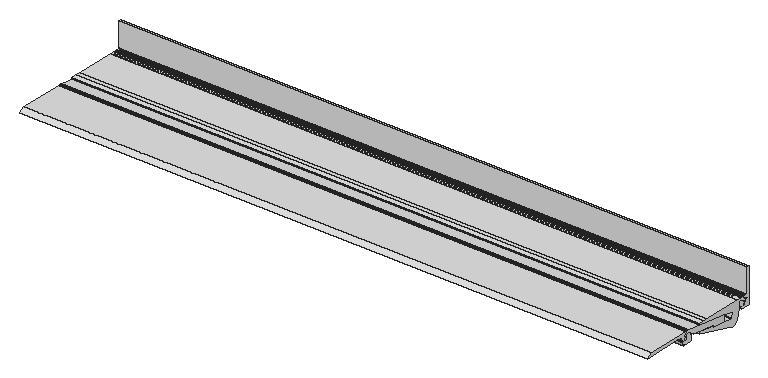
Revit family "Construction-Floors-Conecto-Aluminium Joints ALU AL.130.21", category Specialty Equipment, Revit 2015 (continued)
Definition of nested family "Standard"
  Automatic sketch dimensions
    Extrusion 25 sketch curve to Extrusion 25 sketch curve = 0.729 mm
    Extrusion 25 sketch curve to Extrusion 25 sketch curve = 0.181 mm
    Extrusion 25 sketch curve to Extrusion 25 sketch curve = 0.71 mm
    Extrusion 25 sketch curve to Extrusion 25 sketch curve = 0.699 mm
    Extrusion 25 sketch curve to Extrusion 25 sketch curve = 0.638 mm
    Extrusion 25 sketch curve to Extrusion 25 sketch curve = 0.506 mm
    Extrusion 25 sketch curve to Extrusion 25 sketch curve = 0.373 mm
    Extrusion 25 sketch curve to Extrusion 25 sketch curve = 0.208 mm
    Extrusion 25 sketch curve to Extrusion 25 sketch curve = 0.144 mm
    Extrusion 25 sketch curve to Extrusion 25 sketch curve = 1.895 mm
    Extrusion 25 sketch curve to Extrusion 25 sketch curve = 0.735 mm
    Extrusion 25 sketch curve to Extrusion 25 sketch curve = 1.073 mm  (x2)
    Extrusion 25 sketch curve to Extrusion 25 sketch curve = 0.031 mm
    Extrusion 25 sketch curve to Extrusion 25 sketch curve = 0.237 mm
    Extrusion 25 sketch curve to Extrusion 25 sketch curve = 0.765 mm
    Extrusion 25 sketch curve to Extrusion 25 sketch curve = 1.007 mm
    plane 6 to Extrusion 26 sketch curve = 76.279 mm
    Extrusion 26 sketch curve to Extrusion 26 sketch curve = 0.134 mm
    Extrusion 26 sketch curve to Extrusion 26 sketch curve = 0.685 mm  (x2)
    Extrusion 26 sketch curve to Extrusion 26 sketch curve = 0.826 mm
    Extrusion 26 sketch curve to Extrusion 26 sketch curve = 1.425 mm
    Extrusion 26 sketch curve to Extrusion 26 sketch curve = 2.047 mm
    plane 6 to Extrusion 26 sketch curve = 16.442 mm
    Extrusion 26 sketch curve to Extrusion 26 sketch curve = 0.009 mm
    Extrusion 26 sketch curve to Extrusion 26 sketch curve = 0.041 mm
    Extrusion 26 sketch curve to Extrusion 26 sketch curve = 0.911 mm  (x2)
    Extrusion 26 sketch curve to Extrusion 26 sketch curve = 2.3 mm
    Extrusion 26 sketch curve to Extrusion 26 sketch curve = 2.339 mm
    Extrusion 26 sketch curve to Extrusion 26 sketch curve = 0.027 mm
    Extrusion 26 sketch curve to Extrusion 26 sketch curve = 0.499 mm
    Extrusion 26 sketch curve to Extrusion 26 sketch curve = 0.837 mm
    Extrusion 26 sketch curve to Extrusion 26 sketch curve = 0.786 mm  (x2)
    Extrusion 26 sketch curve to Extrusion 26 sketch curve = 0.774 mm  (x2)
    Extrusion 26 sketch curve to Extrusion 26 sketch curve = 0.425 mm
    Extrusion 26 sketch curve to Extrusion 26 sketch curve = 0.097 mm
    Extrusion 26 sketch curve to Extrusion 26 sketch curve = 0.246 mm  (x2)
    Extrusion 26 sketch curve to Extrusion 26 sketch curve = 0.831 mm
    Extrusion 26 sketch curve to Extrusion 26 sketch curve = 0.349 mm
    Extrusion 26 sketch curve to Extrusion 26 sketch curve = 0.778 mm
    Extrusion 26 sketch curve to Extrusion 26 sketch curve = 0.491 mm  (x2)
    plane 6 to Extrusion 26 sketch curve = 11.178 mm
    Extrusion 26 sketch curve to Extrusion 26 sketch curve = 0.697 mm
    Extrusion 26 sketch curve to Extrusion 26 sketch curve = 3.355 mm
    Extrusion 26 sketch curve to Extrusion 26 sketch curve = 0.719 mm
    Extrusion 26 sketch curve to Extrusion 26 sketch curve = 0.595 mm
    Extrusion 26 sketch curve to Extrusion 26 sketch curve = 0.672 mm
    Extrusion 26 sketch curve to Extrusion 26 sketch curve = 0.908 mm
    Extrusion 26 sketch curve to Extrusion 26 sketch curve = 1.394 mm
    Extrusion 26 sketch curve to Extrusion 26 sketch curve = 0.74 mm
    Extrusion 26 sketch curve to Extrusion 26 sketch curve = 0.885 mm  (x2)
    Extrusion 26 sketch curve to Extrusion 26 sketch curve = 0.607 mm
    Extrusion 26 sketch curve to Extrusion 26 sketch curve = 0.827 mm
    Extrusion 26 sketch curve to Extrusion 26 sketch curve = 0.459 mm
    Extrusion 26 sketch curve to Extrusion 26 sketch curve = 0.775 mm
    Extrusion 26 sketch curve to Extrusion 26 sketch curve = 1.332 mm
    Extrusion 26 sketch curve to Extrusion 26 sketch curve = 0.787 mm
    Extrusion 26 sketch curve to Extrusion 26 sketch curve = 4.161 mm
    Extrusion 26 sketch curve to Extrusion 26 sketch curve = 0.155 mm
    Extrusion 26 sketch curve to Extrusion 26 sketch curve = 2.645 mm
    Extrusion 26 sketch curve to Extrusion 26 sketch curve = 0.258 mm
    Extrusion 26 sketch curve to Extrusion 26 sketch curve = 0.789 mm
    Extrusion 26 sketch curve to Extrusion 26 sketch curve = 0.379 mm
    Extrusion 26 sketch curve to Extrusion 26 sketch curve = 1.017 mm
    Extrusion 26 sketch curve to Extrusion 26 sketch curve = 0.889 mm  (x2)
    Extrusion 26 sketch curve to Extrusion 26 sketch curve = 0.488 mm
    Extrusion 26 sketch curve to Extrusion 26 sketch curve = 0.741 mm
    Extrusion 26 sketch curve to Extrusion 26 sketch curve = 0.656 mm  (x2)
    Extrusion 26 sketch curve to Extrusion 26 sketch curve = 0.298 mm
    Extrusion 26 sketch curve to Extrusion 26 sketch curve = 0.877 mm
    Extrusion 26 sketch curve to Extrusion 26 sketch curve = 0.492 mm
    Extrusion 26 sketch curve to Extrusion 26 sketch curve = 0.714 mm
    Extrusion 26 sketch curve to Extrusion 26 sketch curve = 0.376 mm
    Extrusion 26 sketch curve to Extrusion 26 sketch curve = 0.776 mm
    Extrusion 26 sketch curve to Extrusion 26 sketch curve = 0.629 mm
    Extrusion 26 sketch curve to Extrusion 26 sketch curve = 0.721 mm
    Extrusion 26 sketch curve to Extrusion 26 sketch curve = 0.523 mm
    Extrusion 26 sketch curve to Extrusion 26 sketch curve = 0.922 mm
    Extrusion 26 sketch curve to Extrusion 26 sketch curve = 0.347 mm
    Extrusion 26 sketch curve to Extrusion 26 sketch curve = 0.484 mm
    Extrusion 26 sketch curve to Extrusion 26 sketch curve = 0.085 mm
    Extrusion 26 sketch curve to Extrusion 26 sketch curve = 0.931 mm
    Extrusion 26 sketch curve to Extrusion 26 sketch curve = 0.833 mm
    plane 6 to Extrusion 26 sketch curve = 2.043 mm  (x2)
    Extrusion 26 sketch curve to Extrusion 26 sketch curve = 0.81 mm
    plane 6 to Extrusion 26 sketch curve = 0.908 mm  (x2)
    plane 6 to Extrusion 26 sketch curve = 0.127 mm
    Extrusion 26 sketch curve to Extrusion 26 sketch curve = 4.284 mm
    Extrusion 26 sketch curve to Extrusion 26 sketch curve = 0.117 mm
    Extrusion 26 sketch curve to Extrusion 26 sketch curve = 0.37 mm
    Extrusion 26 sketch curve to Extrusion 26 sketch curve = 1.059 mm
    Extrusion 26 sketch curve to Extrusion 26 sketch curve = 1.033 mm
    Extrusion 26 sketch curve to Extrusion 26 sketch curve = 5.162 mm
    Extrusion 26 sketch curve to Extrusion 26 sketch curve = 0.794 mm
    Extrusion 26 sketch curve to Extrusion 26 sketch curve = 2.958 mm
    Extrusion 26 sketch curve to Extrusion 26 sketch curve = 0.406 mm
    Extrusion 26 sketch curve to Extrusion 26 sketch curve = 2.164 mm
    Extrusion 26 sketch curve to Extrusion 26 sketch curve = 0.749 mm
    Extrusion 26 sketch curve to Extrusion 26 sketch curve = 0.069 mm
    Extrusion 26 sketch curve to Extrusion 26 sketch curve = 0.151 mm
    Extrusion 26 sketch curve to Extrusion 26 sketch curve = 0.252 mm
    Extrusion 26 sketch curve to Extrusion 26 sketch curve = 0.38 mm
    Extrusion 26 sketch curve to Extrusion 26 sketch curve = 0.673 mm
    Extrusion 26 sketch curve to Extrusion 26 sketch curve = 3.295 mm  (x2)
    Extrusion 26 sketch curve to Extrusion 26 sketch curve = 0.993 mm
    Extrusion 26 sketch curve to Extrusion 26 sketch curve = 0.811 mm
    Extrusion 26 sketch curve to Extrusion 26 sketch curve = 0.804 mm
    Extrusion 26 sketch curve to Extrusion 26 sketch curve = 2.532 mm
    Extrusion 26 sketch curve to Extrusion 26 sketch curve = 0.302 mm
    Extrusion 26 sketch curve to Extrusion 26 sketch curve = 0.912 mm
    Extrusion 26 sketch curve to Extrusion 26 sketch curve = 0.917 mm
    Extrusion 26 sketch curve to Extrusion 26 sketch curve = 2.428 mm
    Extrusion 26 sketch curve to Extrusion 26 sketch curve = 0.795 mm
    Extrusion 26 sketch curve to Extrusion 26 sketch curve = 0.87 mm
    Extrusion 26 sketch curve to Extrusion 26 sketch curve = 2.001 mm
    Extrusion 26 sketch curve to Extrusion 26 sketch curve = 1.1 mm
    Extrusion 26 sketch curve to Extrusion 26 sketch curve = 1.105 mm
    Extrusion 26 sketch curve to Extrusion 26 sketch curve = 1.16 mm
    Extrusion 26 sketch curve to Extrusion 26 sketch curve = 0.798 mm
    Extrusion 26 sketch curve to Extrusion 26 sketch curve = 0.812 mm
    Extrusion 26 sketch curve to Extrusion 26 sketch curve = 1.3 mm
    Extrusion 26 sketch curve to Extrusion 26 sketch curve = 1.589 mm
    Extrusion 26 sketch curve to Extrusion 26 sketch curve = 0.729 mm
    Extrusion 26 sketch curve to Extrusion 26 sketch curve = 0.181 mm
    Extrusion 26 sketch curve to Extrusion 26 sketch curve = 0.71 mm
    Extrusion 26 sketch curve to Extrusion 26 sketch curve = 0.699 mm
    Extrusion 26 sketch curve to Extrusion 26 sketch curve = 0.638 mm
    Extrusion 26 sketch curve to Extrusion 26 sketch curve = 0.506 mm
    Extrusion 26 sketch curve to Extrusion 26 sketch curve = 0.373 mm
    Extrusion 26 sketch curve to Extrusion 26 sketch curve = 0.208 mm
    Extrusion 26 sketch curve to Extrusion 26 sketch curve = 0.144 mm
    Extrusion 26 sketch curve to Extrusion 26 sketch curve = 1.895 mm
    Extrusion 26 sketch curve to Extrusion 26 sketch curve = 0.735 mm
    Extrusion 26 sketch curve to Extrusion 26 sketch curve = 1.073 mm  (x2)
    Extrusion 26 sketch curve to Extrusion 26 sketch curve = 0.031 mm
    Extrusion 26 sketch curve to Extrusion 26 sketch curve = 0.237 mm
    Extrusion 26 sketch curve to Extrusion 26 sketch curve = 0.765 mm
    Extrusion 26 sketch curve to Extrusion 26 sketch curve = 2.288 mm
    Extrusion 27 sketch curve to plane 6 = 0 mm
    plane 6 to Extrusion 27 sketch curve = 0.317 mm
    plane 6 to Extrusion 27 sketch curve = 0.661 mm
    plane 6 to Extrusion 27 sketch curve = 0.997 mm
    Extrusion 27 sketch curve to Extrusion 27 sketch curve = 0.977 mm
    Extrusion 27 sketch curve to Extrusion 27 sketch curve = 1.018 mm
    Extrusion 27 sketch curve to Extrusion 27 sketch curve = 1.002 mm
    Extrusion 27 sketch curve to Extrusion 27 sketch curve = 1.162 mm
    Extrusion 27 sketch curve to Extrusion 27 sketch curve = 0.845 mm
    plane 6 to Extrusion 27 sketch curve = 6.802 mm
    Extrusion 27 sketch curve to Extrusion 27 sketch curve = 0.16 mm
    Extrusion 27 sketch curve to Extrusion 27 sketch curve = 1.009 mm
    Extrusion 27 sketch curve to Extrusion 27 sketch curve = 0.625 mm
    Extrusion 27 sketch curve to Extrusion 27 sketch curve = 0.516 mm
    Extrusion 27 sketch curve to Extrusion 27 sketch curve = 0.635 mm
    Extrusion 27 sketch curve to Extrusion 27 sketch curve = 0.289 mm
    Extrusion 27 sketch curve to Extrusion 27 sketch curve = 0.373 mm
    Extrusion 27 sketch curve to Extrusion 27 sketch curve = 0.077 mm
    Extrusion 27 sketch curve to Extrusion 27 sketch curve = 3.01 mm
    Extrusion 27 sketch curve to Extrusion 27 sketch curve = 0.17 mm
    Extrusion 27 sketch curve to Extrusion 27 sketch curve = 3.066 mm
    Extrusion 27 sketch curve to Extrusion 27 sketch curve = 1.906 mm
    Extrusion 27 sketch curve to Extrusion 27 sketch curve = 0.766 mm
    Extrusion 27 sketch curve to Extrusion 27 sketch curve = 0.379 mm
    Extrusion 27 sketch curve to Extrusion 27 sketch curve = 0.528 mm
    Extrusion 27 sketch curve to Extrusion 27 sketch curve = 0.965 mm
    Extrusion 27 sketch curve to Extrusion 27 sketch curve = 0.696 mm
    Extrusion 27 sketch curve to Extrusion 27 sketch curve = 0.241 mm
    Extrusion 27 sketch curve to Extrusion 27 sketch curve = 0.175 mm
    Extrusion 27 sketch curve to Extrusion 27 sketch curve = 2.045 mm
    Extrusion 27 sketch curve to Extrusion 27 sketch curve = 1.039 mm
    Extrusion 27 sketch curve to Extrusion 27 sketch curve = 1.103 mm
    Extrusion 27 sketch curve to Extrusion 27 sketch curve = 0.798 mm
    Extrusion 27 sketch curve to Extrusion 27 sketch curve = 0.732 mm
    Extrusion 27 sketch curve to Extrusion 27 sketch curve = 0.662 mm
    Extrusion 27 sketch curve to Extrusion 27 sketch curve = 0.349 mm
    Extrusion 27 sketch curve to Extrusion 27 sketch curve = 4.02 mm
    Extrusion 27 sketch curve to Extrusion 27 sketch curve = 0.832 mm
    Extrusion 27 sketch curve to Extrusion 27 sketch curve = 0.298 mm
    Extrusion 27 sketch curve to Extrusion 27 sketch curve = 0.306 mm
    Extrusion 27 sketch curve to Extrusion 27 sketch curve = 0.729 mm
    Extrusion 27 sketch curve to Extrusion 27 sketch curve = 0.775 mm
    Extrusion 27 sketch curve to Extrusion 27 sketch curve = 1.062 mm
    Extrusion 27 sketch curve to Extrusion 27 sketch curve = 1.113 mm
    Extrusion 27 sketch curve to Extrusion 27 sketch curve = 2.023 mm
    Extrusion 27 sketch curve to Extrusion 27 sketch curve = 54.732 mm
    Extrusion 27 sketch curve to Extrusion 27 sketch curve = 7.796 mm
    Extrusion 27 sketch curve to Extrusion 27 sketch curve = 0.76 mm
    Extrusion 27 sketch curve to Extrusion 27 sketch curve = 0.824 mm
    Extrusion 27 sketch curve to Extrusion 27 sketch curve = 0.907 mm
    Extrusion 27 sketch curve to Extrusion 27 sketch curve = 1.22 mm
    Extrusion 27 sketch curve to Extrusion 27 sketch curve = 2.629 mm
    Extrusion 27 sketch curve to Extrusion 27 sketch curve = 0.878 mm
    Extrusion 27 sketch curve to Extrusion 27 sketch curve = 0.93 mm
    Extrusion 27 sketch curve to Extrusion 27 sketch curve = 1.667 mm
    Extrusion 27 sketch curve to Extrusion 27 sketch curve = 1.629 mm
    Extrusion 27 sketch curve to Extrusion 27 sketch curve = 0.794 mm
    Extrusion 27 sketch curve to Extrusion 27 sketch curve = 0.971 mm
    Extrusion 27 sketch curve to Extrusion 27 sketch curve = 1.003 mm
    Extrusion 27 sketch curve to Extrusion 27 sketch curve = 0.737 mm
    Extrusion 27 sketch curve to Extrusion 27 sketch curve = 1.239 mm
    Extrusion 27 sketch curve to Extrusion 27 sketch curve = 0.423 mm
    Extrusion 27 sketch curve to Extrusion 27 sketch curve = 0.543 mm
    Extrusion 27 sketch curve to Extrusion 27 sketch curve = 0.849 mm
    Extrusion 27 sketch curve to Extrusion 27 sketch curve = 0.788 mm
    Extrusion 27 sketch curve to Extrusion 27 sketch curve = 0.386 mm
    Extrusion 27 sketch curve to Extrusion 27 sketch curve = 0.039 mm
    Extrusion 27 sketch curve to Extrusion 27 sketch curve = 0.749 mm
    Extrusion 27 sketch curve to Extrusion 27 sketch curve = 0.475 mm
    Extrusion 27 sketch curve to Extrusion 27 sketch curve = 0.394 mm
    Extrusion 27 sketch curve to Extrusion 27 sketch curve = 0.105 mm
    Extrusion 27 sketch curve to Extrusion 27 sketch curve = 1.841 mm
    Extrusion 27 sketch curve to Extrusion 27 sketch curve = 0.909 mm  (x2)
    Extrusion 27 sketch curve to Extrusion 27 sketch curve = 0.813 mm
    Extrusion 27 sketch curve to Extrusion 27 sketch curve = 0.946 mm
    Extrusion 27 sketch curve to Extrusion 27 sketch curve = 0.488 mm
    Extrusion 27 sketch curve to Extrusion 27 sketch curve = 1.614 mm
    plane 6 to Extrusion 28 sketch curve = 74.384 mm
    Extrusion 28 sketch curve to Extrusion 28 sketch curve = 0.43 mm
    Extrusion 28 sketch curve to Extrusion 28 sketch curve = 0.937 mm  (x2)
    Extrusion 28 sketch curve to Extrusion 28 sketch curve = 2.098 mm
    Extrusion 28 sketch curve to Extrusion 28 sketch curve = 1.054 mm  (x2)
    plane 6 to Extrusion 28 sketch curve = 17.576 mm
    Extrusion 28 sketch curve to Extrusion 28 sketch curve = 0.775 mm
    Extrusion 28 sketch curve to Extrusion 28 sketch curve = 0.377 mm
    Extrusion 28 sketch curve to Extrusion 28 sketch curve = 2.284 mm
    Extrusion 28 sketch curve to Extrusion 28 sketch curve = 0.065 mm
    Extrusion 28 sketch curve to Extrusion 28 sketch curve = 0.485 mm
    Extrusion 28 sketch curve to Extrusion 28 sketch curve = 0.623 mm  (x2)
    Extrusion 28 sketch curve to Extrusion 28 sketch curve = 1.105 mm
    Extrusion 28 sketch curve to Extrusion 28 sketch curve = 1.02 mm
    Extrusion 28 sketch curve to Extrusion 28 sketch curve = 0.107 mm
    Extrusion 28 sketch curve to Extrusion 28 sketch curve = 0.272 mm
    Extrusion 28 sketch curve to Extrusion 28 sketch curve = 0.182 mm
    Extrusion 28 sketch curve to Extrusion 28 sketch curve = 0.098 mm
    Extrusion 28 sketch curve to Extrusion 28 sketch curve = 0.591 mm
    Extrusion 28 sketch curve to Extrusion 28 sketch curve = 0.332 mm
    Extrusion 28 sketch curve to Extrusion 28 sketch curve = 0.589 mm
    Extrusion 28 sketch curve to Extrusion 28 sketch curve = 2.296 mm
    Extrusion 28 sketch curve to Extrusion 28 sketch curve = 4.118 mm
    Extrusion 28 sketch curve to Extrusion 28 sketch curve = 0.069 mm
    Extrusion 28 sketch curve to Extrusion 28 sketch curve = 0.189 mm
    Extrusion 28 sketch curve to Extrusion 28 sketch curve = 0.132 mm
    Extrusion 28 sketch curve to Extrusion 28 sketch curve = 0.433 mm
    Extrusion 28 sketch curve to Extrusion 28 sketch curve = 0.556 mm
    Extrusion 28 sketch curve to Extrusion 28 sketch curve = 0.586 mm
    Extrusion 28 sketch curve to Extrusion 28 sketch curve = 0.467 mm
    Extrusion 28 sketch curve to Extrusion 28 sketch curve = 0.54 mm
    Extrusion 28 sketch curve to Extrusion 28 sketch curve = 0.734 mm
    Extrusion 28 sketch curve to Extrusion 28 sketch curve = 0.731 mm
    Extrusion 28 sketch curve to Extrusion 28 sketch curve = 0.807 mm
    Extrusion 28 sketch curve to Extrusion 28 sketch curve = 0.833 mm
    Extrusion 28 sketch curve to Extrusion 28 sketch curve = 0.78 mm
    Extrusion 28 sketch curve to Extrusion 28 sketch curve = 0.732 mm
    Extrusion 28 sketch curve to Extrusion 28 sketch curve = 0.914 mm
    plane 6 to Extrusion 28 sketch curve = 0.641 mm
    plane 6 to Extrusion 28 sketch curve = 0.242 mm
    Extrusion 28 sketch curve to Extrusion 28 sketch curve = 0.531 mm
    Extrusion 28 sketch curve to Extrusion 28 sketch curve = 0.532 mm
    Extrusion 28 sketch curve to Extrusion 28 sketch curve = 0.709 mm
    Extrusion 28 sketch curve to Extrusion 28 sketch curve = 0.883 mm
    Extrusion 28 sketch curve to Extrusion 28 sketch curve = 0.643 mm
    Extrusion 28 sketch curve to Extrusion 28 sketch curve = 0.964 mm
    Extrusion 28 sketch curve to Extrusion 28 sketch curve = 0.834 mm
    Extrusion 28 sketch curve to Extrusion 28 sketch curve = 2.188 mm
    Extrusion 28 sketch curve to Extrusion 28 sketch curve = 0.784 mm
    Extrusion 28 sketch curve to Extrusion 28 sketch curve = 1.019 mm
    Extrusion 28 sketch curve to Extrusion 28 sketch curve = 0.89 mm
    Extrusion 28 sketch curve to Extrusion 28 sketch curve = 1.097 mm
    Extrusion 28 sketch curve to Extrusion 28 sketch curve = 0.938 mm
    Extrusion 28 sketch curve to Extrusion 28 sketch curve = 1.103 mm
    Extrusion 28 sketch curve to Extrusion 28 sketch curve = 0.798 mm
    Extrusion 28 sketch curve to Extrusion 28 sketch curve = 1.151 mm
    Extrusion 28 sketch curve to Extrusion 28 sketch curve = 0.621 mm
    Extrusion 28 sketch curve to Extrusion 28 sketch curve = 0.495 mm
    Extrusion 28 sketch curve to Extrusion 28 sketch curve = 0.64 mm
    Extrusion 28 sketch curve to Extrusion 28 sketch curve = 0.31 mm
    Extrusion 28 sketch curve to Extrusion 28 sketch curve = 0.281 mm
    Extrusion 28 sketch curve to Extrusion 28 sketch curve = 0.157 mm
    Extrusion 28 sketch curve to Extrusion 28 sketch curve = 0.166 mm
    Extrusion 28 sketch curve to Extrusion 28 sketch curve = 0.93 mm
    Extrusion 28 sketch curve to Extrusion 28 sketch curve = 1.828 mm
    Extrusion 28 sketch curve to Extrusion 28 sketch curve = 1.04 mm
    Extrusion 28 sketch curve to Extrusion 28 sketch curve = 0.911 mm
    Extrusion 28 sketch curve to Extrusion 28 sketch curve = 0.491 mm
    Extrusion 28 sketch curve to Extrusion 28 sketch curve = 1.053 mm
    Extrusion 28 sketch curve to Extrusion 28 sketch curve = 1.425 mm
    plane 6 to Extrusion 29 sketch curve = 74.364 mm
    Extrusion 29 sketch curve to Extrusion 29 sketch curve = 0.43 mm
    Extrusion 29 sketch curve to Extrusion 29 sketch curve = 2.098 mm
    Extrusion 29 sketch curve to Extrusion 29 sketch curve = 1.054 mm  (x2)
    plane 6 to Extrusion 29 sketch curve = 17.556 mm
    Extrusion 29 sketch curve to Extrusion 29 sketch curve = 0.775 mm
    Extrusion 29 sketch curve to Extrusion 29 sketch curve = 0.377 mm
    Extrusion 29 sketch curve to Extrusion 29 sketch curve = 2.284 mm
    Extrusion 29 sketch curve to Extrusion 29 sketch curve = 0.065 mm
    Extrusion 29 sketch curve to Extrusion 29 sketch curve = 0.485 mm
    Extrusion 29 sketch curve to Extrusion 29 sketch curve = 0.623 mm  (x2)
    Extrusion 29 sketch curve to Extrusion 29 sketch curve = 1.105 mm
    Extrusion 29 sketch curve to Extrusion 29 sketch curve = 1.02 mm
    Extrusion 29 sketch curve to Extrusion 29 sketch curve = 0.107 mm
    Extrusion 29 sketch curve to Extrusion 29 sketch curve = 0.272 mm
    Extrusion 29 sketch curve to Extrusion 29 sketch curve = 0.182 mm
    Extrusion 29 sketch curve to Extrusion 29 sketch curve = 0.098 mm
    Extrusion 29 sketch curve to Extrusion 29 sketch curve = 4.529 mm
    Extrusion 29 sketch curve to Extrusion 29 sketch curve = 0.102 mm
    Extrusion 29 sketch curve to Extrusion 29 sketch curve = 0.291 mm
    Extrusion 29 sketch curve to Extrusion 29 sketch curve = 0.591 mm
    Extrusion 29 sketch curve to Extrusion 29 sketch curve = 0.304 mm
    Extrusion 29 sketch curve to Extrusion 29 sketch curve = 0.332 mm
    Extrusion 29 sketch curve to Extrusion 29 sketch curve = 0.574 mm
    Extrusion 29 sketch curve to Extrusion 29 sketch curve = 0.589 mm
    Extrusion 29 sketch curve to Extrusion 29 sketch curve = 0.534 mm
    Extrusion 29 sketch curve to Extrusion 29 sketch curve = 0.778 mm
    Extrusion 29 sketch curve to Extrusion 29 sketch curve = 2.296 mm
    Extrusion 29 sketch curve to Extrusion 29 sketch curve = 1.352 mm
    Extrusion 29 sketch curve to Extrusion 29 sketch curve = 4.118 mm
    Extrusion 29 sketch curve to Extrusion 29 sketch curve = 0.069 mm
    Extrusion 29 sketch curve to Extrusion 29 sketch curve = 0.189 mm
    Extrusion 29 sketch curve to Extrusion 29 sketch curve = 0.132 mm
    Extrusion 29 sketch curve to Extrusion 29 sketch curve = 0.433 mm
    Extrusion 29 sketch curve to Extrusion 29 sketch curve = 1.397 mm
    Extrusion 29 sketch curve to Extrusion 29 sketch curve = 0.556 mm
    Extrusion 29 sketch curve to Extrusion 29 sketch curve = 0.586 mm
    Extrusion 29 sketch curve to Extrusion 29 sketch curve = 0.467 mm
    Extrusion 29 sketch curve to Extrusion 29 sketch curve = 0.54 mm
    Extrusion 29 sketch curve to Extrusion 29 sketch curve = 4.097 mm
    Extrusion 29 sketch curve to Extrusion 29 sketch curve = 0.116 mm
    Extrusion 29 sketch curve to Extrusion 29 sketch curve = 1.064 mm
    Extrusion 29 sketch curve to Extrusion 29 sketch curve = 0.693 mm
    Extrusion 29 sketch curve to Extrusion 29 sketch curve = 0.734 mm  (x2)
    Extrusion 29 sketch curve to Extrusion 29 sketch curve = 0.249 mm
    Extrusion 29 sketch curve to Extrusion 29 sketch curve = 0.731 mm
    Extrusion 29 sketch curve to Extrusion 29 sketch curve = 0.807 mm
    Extrusion 29 sketch curve to Extrusion 29 sketch curve = 0.833 mm
    Extrusion 29 sketch curve to Extrusion 29 sketch curve = 0.78 mm
    Extrusion 29 sketch curve to Extrusion 29 sketch curve = 0.732 mm
    Extrusion 29 sketch curve to Extrusion 29 sketch curve = 0.914 mm
    plane 6 to Extrusion 29 sketch curve = 0.621 mm
    plane 6 to Extrusion 29 sketch curve = 0.222 mm
    Extrusion 29 sketch curve to Extrusion 29 sketch curve = 0.006 mm
    Extrusion 29 sketch curve to Extrusion 29 sketch curve = 0.829 mm
    Extrusion 29 sketch curve to Extrusion 29 sketch curve = 0.931 mm
    Extrusion 29 sketch curve to Extrusion 29 sketch curve = 0.856 mm
    Extrusion 29 sketch curve to Extrusion 29 sketch curve = 0.688 mm
    Extrusion 29 sketch curve to Extrusion 29 sketch curve = 1.414 mm
    Extrusion 29 sketch curve to Extrusion 29 sketch curve = 0.532 mm
    Extrusion 29 sketch curve to Extrusion 29 sketch curve = 0.883 mm
    Extrusion 29 sketch curve to Extrusion 29 sketch curve = 0.643 mm
    Extrusion 29 sketch curve to Extrusion 29 sketch curve = 0.964 mm
    Extrusion 29 sketch curve to Extrusion 29 sketch curve = 0.834 mm
    Extrusion 29 sketch curve to Extrusion 29 sketch curve = 2.188 mm
    Extrusion 29 sketch curve to Extrusion 29 sketch curve = 0.784 mm
    Extrusion 29 sketch curve to Extrusion 29 sketch curve = 1.019 mm
    Extrusion 29 sketch curve to Extrusion 29 sketch curve = 0.89 mm
    Extrusion 29 sketch curve to Extrusion 29 sketch curve = 1.097 mm
    Extrusion 29 sketch curve to Extrusion 29 sketch curve = 0.938 mm
    Extrusion 29 sketch curve to Extrusion 29 sketch curve = 1.103 mm
    Extrusion 29 sketch curve to Extrusion 29 sketch curve = 0.798 mm
    Extrusion 29 sketch curve to Extrusion 29 sketch curve = 1.151 mm
    Extrusion 29 sketch curve to Extrusion 29 sketch curve = 0.621 mm
    Extrusion 29 sketch curve to Extrusion 29 sketch curve = 0.495 mm
    Extrusion 29 sketch curve to Extrusion 29 sketch curve = 0.64 mm
    Extrusion 29 sketch curve to Extrusion 29 sketch curve = 0.31 mm
    Extrusion 29 sketch curve to Extrusion 29 sketch curve = 0.281 mm
    Extrusion 29 sketch curve to Extrusion 29 sketch curve = 0.157 mm
    Extrusion 29 sketch curve to Extrusion 29 sketch curve = 0.166 mm
    Extrusion 29 sketch curve to Extrusion 29 sketch curve = 0.93 mm
    Extrusion 29 sketch curve to Extrusion 29 sketch curve = 1.828 mm
    Extrusion 29 sketch curve to Extrusion 29 sketch curve = 1.04 mm
    Extrusion 29 sketch curve to Extrusion 29 sketch curve = 0.911 mm
    Extrusion 29 sketch curve to Extrusion 29 sketch curve = 0.491 mm
    Extrusion 29 sketch curve to Extrusion 29 sketch curve = 1.053 mm
    Extrusion 29 sketch curve to Extrusion 29 sketch curve = 2.626 mm
    plane 6 to Extrusion 30 sketch curve = 74.226 mm
    Extrusion 30 sketch curve to Extrusion 30 sketch curve = 0.749 mm
    Extrusion 30 sketch curve to Extrusion 30 sketch curve = 1.78 mm
    Extrusion 30 sketch curve to Extrusion 30 sketch curve = 1.537 mm
    Extrusion 30 sketch curve to Extrusion 30 sketch curve = 1.854 mm
    plane 6 to Extrusion 30 sketch curve = 16.416 mm
    Extrusion 30 sketch curve to Extrusion 30 sketch curve = 0.43 mm
    Extrusion 30 sketch curve to Extrusion 30 sketch curve = 2.284 mm
    Extrusion 30 sketch curve to Extrusion 30 sketch curve = 0.065 mm
    Extrusion 30 sketch curve to Extrusion 30 sketch curve = 0.485 mm
    Extrusion 30 sketch curve to Extrusion 30 sketch curve = 0.623 mm  (x2)
    Extrusion 30 sketch curve to Extrusion 30 sketch curve = 3.012 mm
    Extrusion 30 sketch curve to Extrusion 30 sketch curve = 3.271 mm
    Extrusion 30 sketch curve to Extrusion 30 sketch curve = 1.105 mm
    Extrusion 30 sketch curve to Extrusion 30 sketch curve = 1.02 mm
    Extrusion 30 sketch curve to Extrusion 30 sketch curve = 0.107 mm
    Extrusion 30 sketch curve to Extrusion 30 sketch curve = 0.272 mm
    Extrusion 30 sketch curve to Extrusion 30 sketch curve = 0.182 mm
    Extrusion 30 sketch curve to Extrusion 30 sketch curve = 0.098 mm
    Extrusion 30 sketch curve to Extrusion 30 sketch curve = 0.803 mm
    Extrusion 30 sketch curve to Extrusion 30 sketch curve = 1.154 mm
    Extrusion 30 sketch curve to Extrusion 30 sketch curve = 0.591 mm  (x2)
    Extrusion 30 sketch curve to Extrusion 30 sketch curve = 1.054 mm
    Extrusion 30 sketch curve to Extrusion 30 sketch curve = 0.626 mm
    Extrusion 30 sketch curve to Extrusion 30 sketch curve = 0.332 mm
    Extrusion 30 sketch curve to Extrusion 30 sketch curve = 0.589 mm
    Extrusion 30 sketch curve to Extrusion 30 sketch curve = 0.908 mm
    Extrusion 30 sketch curve to Extrusion 30 sketch curve = 2.519 mm
    Extrusion 30 sketch curve to Extrusion 30 sketch curve = 2.296 mm
    Extrusion 30 sketch curve to Extrusion 30 sketch curve = 1.233 mm
    Extrusion 30 sketch curve to Extrusion 30 sketch curve = 4.118 mm
    Extrusion 30 sketch curve to Extrusion 30 sketch curve = 0.069 mm
    Extrusion 30 sketch curve to Extrusion 30 sketch curve = 0.189 mm
    Extrusion 30 sketch curve to Extrusion 30 sketch curve = 0.132 mm
    Extrusion 30 sketch curve to Extrusion 30 sketch curve = 1.181 mm
    Extrusion 30 sketch curve to Extrusion 30 sketch curve = 0.433 mm
    Extrusion 30 sketch curve to Extrusion 30 sketch curve = 0.556 mm
    Extrusion 30 sketch curve to Extrusion 30 sketch curve = 0.586 mm
    Extrusion 30 sketch curve to Extrusion 30 sketch curve = 2.086 mm
    Extrusion 30 sketch curve to Extrusion 30 sketch curve = 0.54 mm
    Extrusion 30 sketch curve to Extrusion 30 sketch curve = 1.13 mm
    Extrusion 30 sketch curve to Extrusion 30 sketch curve = 0.926 mm
    Extrusion 30 sketch curve to Extrusion 30 sketch curve = 0.734 mm
    Extrusion 30 sketch curve to Extrusion 30 sketch curve = 0.939 mm  (x2)
    Extrusion 30 sketch curve to Extrusion 30 sketch curve = 0.654 mm
    Extrusion 30 sketch curve to Extrusion 30 sketch curve = 0.731 mm
    Extrusion 30 sketch curve to Extrusion 30 sketch curve = 0.456 mm
    Extrusion 30 sketch curve to Extrusion 30 sketch curve = 0.807 mm
    Extrusion 30 sketch curve to Extrusion 30 sketch curve = 0.833 mm
    Extrusion 30 sketch curve to Extrusion 30 sketch curve = 0.78 mm
    Extrusion 30 sketch curve to Extrusion 30 sketch curve = 0.732 mm
    Extrusion 30 sketch curve to Extrusion 30 sketch curve = 0.914 mm
    plane 6 to Extrusion 30 sketch curve = 0.633 mm
    plane 6 to Extrusion 30 sketch curve = 0.234 mm
    Extrusion 30 sketch curve to Extrusion 30 sketch curve = 12.646 mm
    Extrusion 30 sketch curve to Extrusion 30 sketch curve = 1.028 mm
    Extrusion 30 sketch curve to Extrusion 30 sketch curve = 0.44 mm
    Extrusion 30 sketch curve to Extrusion 30 sketch curve = 0.145 mm
    Extrusion 30 sketch curve to Extrusion 30 sketch curve = 0.151 mm
    Extrusion 30 sketch curve to Extrusion 30 sketch curve = 0.462 mm
    Extrusion 30 sketch curve to Extrusion 30 sketch curve = 0.576 mm
    Extrusion 30 sketch curve to Extrusion 30 sketch curve = 0.472 mm
    Extrusion 30 sketch curve to Extrusion 30 sketch curve = 1.607 mm
    Extrusion 30 sketch curve to Extrusion 30 sketch curve = 1.617 mm
    Extrusion 30 sketch curve to Extrusion 30 sketch curve = 1.074 mm
    Extrusion 30 sketch curve to Extrusion 30 sketch curve = 0.934 mm
    Extrusion 30 sketch curve to Extrusion 30 sketch curve = 0.532 mm
    Extrusion 30 sketch curve to Extrusion 30 sketch curve = 0.883 mm
    Extrusion 30 sketch curve to Extrusion 30 sketch curve = 0.643 mm
    Extrusion 30 sketch curve to Extrusion 30 sketch curve = 0.161 mm
    Extrusion 30 sketch curve to Extrusion 30 sketch curve = 0.964 mm
    Extrusion 30 sketch curve to Extrusion 30 sketch curve = 0.834 mm
    Extrusion 30 sketch curve to Extrusion 30 sketch curve = 2.188 mm
    Extrusion 30 sketch curve to Extrusion 30 sketch curve = 0.784 mm
    Extrusion 30 sketch curve to Extrusion 30 sketch curve = 1.019 mm
    Extrusion 30 sketch curve to Extrusion 30 sketch curve = 0.89 mm
    Extrusion 30 sketch curve to Extrusion 30 sketch curve = 1.097 mm
    Extrusion 30 sketch curve to Extrusion 30 sketch curve = 0.938 mm
    Extrusion 30 sketch curve to Extrusion 30 sketch curve = 1.103 mm
    Extrusion 30 sketch curve to Extrusion 30 sketch curve = 0.798 mm
    Extrusion 30 sketch curve to Extrusion 30 sketch curve = 1.151 mm
    Extrusion 30 sketch curve to Extrusion 30 sketch curve = 0.621 mm
    Extrusion 30 sketch curve to Extrusion 30 sketch curve = 0.495 mm
    Extrusion 30 sketch curve to Extrusion 30 sketch curve = 0.64 mm
    Extrusion 30 sketch curve to Extrusion 30 sketch curve = 0.31 mm
    Extrusion 30 sketch curve to Extrusion 30 sketch curve = 0.281 mm
    Extrusion 30 sketch curve to Extrusion 30 sketch curve = 0.157 mm
    Extrusion 30 sketch curve to Extrusion 30 sketch curve = 0.166 mm
    Extrusion 30 sketch curve to Extrusion 30 sketch curve = 0.93 mm
    Extrusion 30 sketch curve to Extrusion 30 sketch curve = 1.828 mm
    Extrusion 30 sketch curve to Extrusion 30 sketch curve = 1.04 mm
    Extrusion 30 sketch curve to Extrusion 30 sketch curve = 0.911 mm
    Extrusion 30 sketch curve to Extrusion 30 sketch curve = 0.491 mm
    Extrusion 30 sketch curve to Extrusion 30 sketch curve = 1.053 mm
    Extrusion 30 sketch curve to Extrusion 30 sketch curve = 2.626 mm
    Extrusion 11 sketch curve to Extrusion 11 sketch curve = 2.658 mm
    Extrusion 11 sketch curve to Extrusion 11 sketch curve = 0.053 mm
    Extrusion 11 sketch curve to Extrusion 11 sketch curve = 0.474 mm
    Extrusion 11 sketch curve to Extrusion 11 sketch curve = 0.497 mm
    Extrusion 11 sketch curve to Extrusion 11 sketch curve = 0.226 mm
    Extrusion 11 sketch curve to Extrusion 11 sketch curve = 2.262 mm
    Extrusion 11 sketch curve to Extrusion 11 sketch curve = 1.086 mm
    Extrusion 11 sketch curve to Extrusion 11 sketch curve = 3.872 mm
    Extrusion 11 sketch curve to Extrusion 11 sketch curve = 0.315 mm
    Extrusion 11 sketch curve to Extrusion 11 sketch curve = 0.382 mm
    Extrusion 11 sketch curve to Extrusion 11 sketch curve = 0.738 mm
    Extrusion 11 sketch curve to Extrusion 11 sketch curve = 0.923 mm
    Extrusion 11 sketch curve to Extrusion 11 sketch curve = 0.962 mm
    Extrusion 12 sketch curve to Extrusion 12 sketch curve = 0.78 mm
    Extrusion 12 sketch curve to Extrusion 12 sketch curve = 4.497 mm
    Extrusion 12 sketch curve to Extrusion 12 sketch curve = 0.474 mm
    Extrusion 12 sketch curve to Extrusion 12 sketch curve = 0.497 mm
    Extrusion 12 sketch curve to Extrusion 12 sketch curve = 0.302 mm
    Extrusion 12 sketch curve to Extrusion 12 sketch curve = 2.262 mm
    Extrusion 12 sketch curve to Extrusion 12 sketch curve = 1.086 mm
    Extrusion 12 sketch curve to Extrusion 12 sketch curve = 3.646 mm
    Extrusion 12 sketch curve to Extrusion 12 sketch curve = 0.315 mm
    Extrusion 12 sketch curve to Extrusion 12 sketch curve = 0.382 mm
    Extrusion 12 sketch curve to Extrusion 12 sketch curve = 0.738 mm
    Extrusion 12 sketch curve to Extrusion 12 sketch curve = 0.923 mm
    Extrusion 12 sketch curve to Extrusion 12 sketch curve = 0.962 mm
    Extrusion 13 sketch curve to Extrusion 13 sketch curve = 0.175 mm
    Extrusion 13 sketch curve to Extrusion 13 sketch curve = 0.78 mm
    Extrusion 13 sketch curve to Extrusion 13 sketch curve = 4.497 mm
    Extrusion 13 sketch curve to Extrusion 13 sketch curve = 0.474 mm
    Extrusion 13 sketch curve to Extrusion 13 sketch curve = 0.226 mm
    Extrusion 13 sketch curve to Extrusion 13 sketch curve = 2.262 mm
    Extrusion 13 sketch curve to Extrusion 13 sketch curve = 1.086 mm
    Extrusion 13 sketch curve to Extrusion 13 sketch curve = 3.872 mm
    Extrusion 13 sketch curve to Extrusion 13 sketch curve = 0.315 mm
    Extrusion 13 sketch curve to Extrusion 13 sketch curve = 0.382 mm
    Extrusion 13 sketch curve to Extrusion 13 sketch curve = 0.738 mm
    Extrusion 13 sketch curve to Extrusion 13 sketch curve = 0.923 mm
    Extrusion 13 sketch curve to Extrusion 13 sketch curve = 0.962 mm
    Extrusion 14 sketch curve to Extrusion 14 sketch curve = 0.268 mm
    Extrusion 14 sketch curve to Extrusion 14 sketch curve = 0.78 mm
    Extrusion 14 sketch curve to Extrusion 14 sketch curve = 4.497 mm
    Extrusion 14 sketch curve to Extrusion 14 sketch curve = 0.474 mm
    Extrusion 14 sketch curve to Extrusion 14 sketch curve = 0.226 mm
    Extrusion 14 sketch curve to Extrusion 14 sketch curve = 2.262 mm
    Extrusion 14 sketch curve to Extrusion 14 sketch curve = 1.086 mm
    Extrusion 14 sketch curve to Extrusion 14 sketch curve = 3.872 mm
    Extrusion 14 sketch curve to Extrusion 14 sketch curve = 0.315 mm
    Extrusion 14 sketch curve to Extrusion 14 sketch curve = 0.382 mm
    Extrusion 14 sketch curve to Extrusion 14 sketch curve = 0.738 mm
    Extrusion 14 sketch curve to Extrusion 14 sketch curve = 0.923 mm
    Extrusion 14 sketch curve to Extrusion 14 sketch curve = 0.962 mm
    Extrusion 15 sketch curve to Extrusion 15 sketch curve = 0.175 mm
    Extrusion 15 sketch curve to Extrusion 15 sketch curve = 0.578 mm
    Extrusion 15 sketch curve to Extrusion 15 sketch curve = 1.911 mm
    Extrusion 15 sketch curve to Extrusion 15 sketch curve = 0.78 mm
    Extrusion 15 sketch curve to Extrusion 15 sketch curve = 4.497 mm
    Extrusion 15 sketch curve to Extrusion 15 sketch curve = 0.474 mm
    Extrusion 15 sketch curve to Extrusion 15 sketch curve = 0.497 mm
    Extrusion 15 sketch curve to Extrusion 15 sketch curve = 0.302 mm
    Extrusion 15 sketch curve to Extrusion 15 sketch curve = 2.262 mm
    Extrusion 15 sketch curve to Extrusion 15 sketch curve = 1.086 mm
    Extrusion 15 sketch curve to Extrusion 15 sketch curve = 3.646 mm
    Extrusion 15 sketch curve to Extrusion 15 sketch curve = 0.315 mm
    Extrusion 15 sketch curve to Extrusion 15 sketch curve = 0.382 mm
    Extrusion 15 sketch curve to Extrusion 15 sketch curve = 0.738 mm
    Extrusion 15 sketch curve to Extrusion 15 sketch curve = 0.923 mm
    Extrusion 15 sketch curve to Extrusion 15 sketch curve = 0.962 mm
    Extrusion 16 sketch curve to Extrusion 16 sketch curve = 0.175 mm
    Extrusion 16 sketch curve to Extrusion 16 sketch curve = 0.578 mm
    Extrusion 16 sketch curve to Extrusion 16 sketch curve = 1.911 mm
    Extrusion 16 sketch curve to Extrusion 16 sketch curve = 8.655 mm
    Extrusion 16 sketch curve to Extrusion 16 sketch curve = 0.78 mm
    Extrusion 16 sketch curve to Extrusion 16 sketch curve = 0.601 mm
    Extrusion 16 sketch curve to Extrusion 16 sketch curve = 4.497 mm
    Extrusion 16 sketch curve to Extrusion 16 sketch curve = 0.474 mm
    Extrusion 16 sketch curve to Extrusion 16 sketch curve = 0.226 mm
    Extrusion 16 sketch curve to Extrusion 16 sketch curve = 2.262 mm
    Extrusion 16 sketch curve to Extrusion 16 sketch curve = 1.086 mm
    Extrusion 16 sketch curve to Extrusion 16 sketch curve = 3.872 mm
    Extrusion 16 sketch curve to Extrusion 16 sketch curve = 0.315 mm
    Extrusion 16 sketch curve to Extrusion 16 sketch curve = 0.382 mm
    Extrusion 16 sketch curve to Extrusion 16 sketch curve = 0.738 mm
    Extrusion 16 sketch curve to Extrusion 16 sketch curve = 0.923 mm
    Extrusion 16 sketch curve to Extrusion 16 sketch curve = 0.962 mm
    Extrusion 17 sketch curve to Extrusion 17 sketch curve = 0.355 mm
    Extrusion 17 sketch curve to Extrusion 17 sketch curve = 4.167 mm
    Extrusion 17 sketch curve to Extrusion 17 sketch curve = 0.341 mm
    Extrusion 17 sketch curve to Extrusion 17 sketch curve = 0.719 mm
    Extrusion 17 sketch curve to Extrusion 17 sketch curve = 2.167 mm
    Extrusion 17 sketch curve to Extrusion 17 sketch curve = 1.133 mm
    Extrusion 17 sketch curve to Extrusion 17 sketch curve = 3.927 mm
    Extrusion 17 sketch curve to Extrusion 17 sketch curve = 3.412 mm
    Extrusion 17 sketch curve to Extrusion 17 sketch curve = 1.229 mm
    Extrusion 17 sketch curve to Extrusion 17 sketch curve = 0.386 mm
    Extrusion 17 sketch curve to Extrusion 17 sketch curve = 1.093 mm
    Extrusion 18 sketch curve to Extrusion 18 sketch curve = 0.688 mm
    Extrusion 18 sketch curve to Extrusion 18 sketch curve = 0.764 mm
    Extrusion 18 sketch curve to Extrusion 18 sketch curve = 0.111 mm
    Extrusion 18 sketch curve to Extrusion 18 sketch curve = 0.202 mm
    Extrusion 18 sketch curve to Extrusion 18 sketch curve = 0.252 mm
    Extrusion 18 sketch curve to Extrusion 18 sketch curve = 1.586 mm
    Extrusion 18 sketch curve to Extrusion 18 sketch curve = 3.306 mm
    Extrusion 19 sketch curve to Extrusion 19 sketch curve = 0.709 mm  (x2)
    Extrusion 19 sketch curve to Extrusion 19 sketch curve = 0.793 mm
    Extrusion 19 sketch curve to Extrusion 19 sketch curve = 3.054 mm
    Extrusion 19 sketch curve to Extrusion 19 sketch curve = 0.827 mm
    Extrusion 19 sketch curve to Extrusion 19 sketch curve = 1.261 mm
    Extrusion 19 sketch curve to Extrusion 19 sketch curve = 0.764 mm
    Extrusion 19 sketch curve to Extrusion 19 sketch curve = 1.458 mm
    Extrusion 19 sketch curve to Extrusion 19 sketch curve = 1.614 mm
    Extrusion 19 sketch curve to Extrusion 19 sketch curve = 0.252 mm
    Extrusion 19 sketch curve to Extrusion 19 sketch curve = 0.862 mm
    Extrusion 19 sketch curve to Extrusion 19 sketch curve = 0.566 mm
    Extrusion 19 sketch curve to Extrusion 19 sketch curve = 0.312 mm
    Extrusion 19 sketch curve to Extrusion 19 sketch curve = 2.024 mm
    Extrusion 19 sketch curve to Extrusion 19 sketch curve = 3.517 mm
    Extrusion 19 sketch curve to Extrusion 19 sketch curve = 0.531 mm
    Extrusion 19 sketch curve to Extrusion 19 sketch curve = 1.586 mm
    Extrusion 19 sketch curve to Extrusion 19 sketch curve = 3.306 mm
    Extrusion 20 sketch curve to Extrusion 20 sketch curve = 0.162 mm
    Extrusion 20 sketch curve to Extrusion 20 sketch curve = 0.349 mm
    Extrusion 20 sketch curve to Extrusion 20 sketch curve = 2.475 mm
    Extrusion 20 sketch curve to Extrusion 20 sketch curve = 0.603 mm
    Extrusion 20 sketch curve to Extrusion 20 sketch curve = 5.735 mm
    Extrusion 20 sketch curve to Extrusion 20 sketch curve = 0.144 mm
    Extrusion 20 sketch curve to Extrusion 20 sketch curve = 0.443 mm
    Extrusion 20 sketch curve to Extrusion 20 sketch curve = 3.992 mm
    Extrusion 20 sketch curve to Extrusion 20 sketch curve = 4.619 mm
    Extrusion 20 sketch curve to Extrusion 20 sketch curve = 0.531 mm
    Extrusion 20 sketch curve to Extrusion 20 sketch curve = 1.586 mm
    Extrusion 20 sketch curve to Extrusion 20 sketch curve = 3.306 mm
    Extrusion 1 sketch curve to Extrusion 1 sketch curve = 4.124 mm
    Extrusion 1 sketch curve to Extrusion 1 sketch curve = 0.535 mm
    Extrusion 1 sketch curve to Extrusion 1 sketch curve = 0.686 mm
    Extrusion 1 sketch curve to Extrusion 1 sketch curve = 1.083 mm
    Extrusion 1 sketch curve to Extrusion 1 sketch curve = 1.011 mm
    Extrusion 1 sketch curve to Extrusion 1 sketch curve = 0.832 mm
    Extrusion 1 sketch curve to Extrusion 1 sketch curve = 0.884 mm
    Extrusion 2 sketch curve to Extrusion 2 sketch curve = 4.124 mm
    Extrusion 2 sketch curve to Extrusion 2 sketch curve = 0.535 mm
    Extrusion 2 sketch curve to Extrusion 2 sketch curve = 0.686 mm
    Extrusion 2 sketch curve to Extrusion 2 sketch curve = 1.083 mm
    Extrusion 2 sketch curve to Extrusion 2 sketch curve = 1.011 mm
    Extrusion 2 sketch curve to Extrusion 2 sketch curve = 0.832 mm
    Extrusion 2 sketch curve to Extrusion 2 sketch curve = 0.884 mm
    Extrusion 3 sketch curve to Extrusion 3 sketch curve = 4.124 mm
    Extrusion 3 sketch curve to Extrusion 3 sketch curve = 0.535 mm
    Extrusion 3 sketch curve to Extrusion 3 sketch curve = 0.686 mm
    Extrusion 3 sketch curve to Extrusion 3 sketch curve = 1.083 mm
    Extrusion 3 sketch curve to Extrusion 3 sketch curve = 1.011 mm
    Extrusion 3 sketch curve to Extrusion 3 sketch curve = 0.832 mm
    Extrusion 3 sketch curve to Extrusion 3 sketch curve = 0.884 mm
    Extrusion 4 sketch curve to Extrusion 4 sketch curve = 4.124 mm
    Extrusion 4 sketch curve to Extrusion 4 sketch curve = 0.535 mm
    Extrusion 4 sketch curve to Extrusion 4 sketch curve = 0.686 mm
    Extrusion 4 sketch curve to Extrusion 4 sketch curve = 1.083 mm
    Extrusion 4 sketch curve to Extrusion 4 sketch curve = 1.011 mm
    Extrusion 4 sketch curve to Extrusion 4 sketch curve = 0.832 mm
    Extrusion 4 sketch curve to Extrusion 4 sketch curve = 0.884 mm
    Extrusion 5 sketch curve to Extrusion 5 sketch curve = 4.124 mm
    Extrusion 5 sketch curve to Extrusion 5 sketch curve = 0.535 mm
    Extrusion 5 sketch curve to Extrusion 5 sketch curve = 0.686 mm
    Extrusion 5 sketch curve to Extrusion 5 sketch curve = 1.083 mm
    Extrusion 5 sketch curve to Extrusion 5 sketch curve = 1.011 mm
    Extrusion 5 sketch curve to Extrusion 5 sketch curve = 0.832 mm
    Extrusion 5 sketch curve to Extrusion 5 sketch curve = 0.884 mm
    Extrusion 6 sketch curve to Extrusion 6 sketch curve = 4.124 mm
    Extrusion 6 sketch curve to Extrusion 6 sketch curve = 0.535 mm
    Extrusion 6 sketch curve to Extrusion 6 sketch curve = 0.686 mm
    Extrusion 6 sketch curve to Extrusion 6 sketch curve = 1.083 mm
    Extrusion 6 sketch curve to Extrusion 6 sketch curve = 1.011 mm
    Extrusion 6 sketch curve to Extrusion 6 sketch curve = 0.832 mm
    Extrusion 6 sketch curve to Extrusion 6 sketch curve = 0.884 mm
    Extrusion 7 sketch curve to Extrusion 7 sketch curve = 4.124 mm
    Extrusion 7 sketch curve to Extrusion 7 sketch curve = 0.535 mm
    Extrusion 7 sketch curve to Extrusion 7 sketch curve = 0.686 mm
    Extrusion 7 sketch curve to Extrusion 7 sketch curve = 1.083 mm
    Extrusion 7 sketch curve to Extrusion 7 sketch curve = 1.011 mm
    Extrusion 7 sketch curve to Extrusion 7 sketch curve = 0.832 mm
    Extrusion 7 sketch curve to Extrusion 7 sketch curve = 0.884 mm
    Extrusion 8 sketch curve to Extrusion 8 sketch curve = 4.124 mm
    Extrusion 8 sketch curve to Extrusion 8 sketch curve = 0.535 mm
    Extrusion 8 sketch curve to Extrusion 8 sketch curve = 0.686 mm
    Extrusion 8 sketch curve to Extrusion 8 sketch curve = 1.083 mm
    Extrusion 8 sketch curve to Extrusion 8 sketch curve = 1.011 mm
    Extrusion 8 sketch curve to Extrusion 8 sketch curve = 0.832 mm
    Extrusion 8 sketch curve to Extrusion 8 sketch curve = 0.884 mm
    Extrusion 9 sketch curve to Extrusion 9 sketch curve = 4.124 mm
    Extrusion 9 sketch curve to Extrusion 9 sketch curve = 0.535 mm
    Extrusion 9 sketch curve to Extrusion 9 sketch curve = 0.686 mm
    Extrusion 9 sketch curve to Extrusion 9 sketch curve = 1.083 mm
    Extrusion 9 sketch curve to Extrusion 9 sketch curve = 1.011 mm
    Extrusion 9 sketch curve to Extrusion 9 sketch curve = 0.832 mm
    Extrusion 9 sketch curve to Extrusion 9 sketch curve = 0.884 mm
    Extrusion 10 sketch curve to Extrusion 10 sketch curve = 4.124 mm
    Extrusion 10 sketch curve to Extrusion 10 sketch curve = 0.535 mm
    Extrusion 10 sketch curve to Extrusion 10 sketch curve = 0.686 mm
    Extrusion 10 sketch curve to Extrusion 10 sketch curve = 1.083 mm
    Extrusion 10 sketch curve to Extrusion 10 sketch curve = 1.011 mm
    Extrusion 10 sketch curve to Extrusion 10 sketch curve = 0.832 mm
    Extrusion 10 sketch curve to Extrusion 10 sketch curve = 0.884 mm
    Extrusion 21 sketch curve to Extrusion 21 sketch curve = 2.658 mm
    Extrusion 21 sketch curve to Extrusion 21 sketch curve = 0.053 mm
    Extrusion 21 sketch curve to Extrusion 21 sketch curve = 0.474 mm
    Extrusion 21 sketch curve to Extrusion 21 sketch curve = 0.497 mm
    Extrusion 21 sketch curve to Extrusion 21 sketch curve = 0.226 mm
    Extrusion 21 sketch curve to Extrusion 21 sketch curve = 2.262 mm
    Extrusion 21 sketch curve to Extrusion 21 sketch curve = 1.086 mm
    Extrusion 21 sketch curve to Extrusion 21 sketch curve = 3.872 mm
    Extrusion 21 sketch curve to Extrusion 21 sketch curve = 0.315 mm
    Extrusion 21 sketch curve to Extrusion 21 sketch curve = 0.382 mm
    Extrusion 21 sketch curve to Extrusion 21 sketch curve = 0.738 mm
    Extrusion 21 sketch curve to Extrusion 21 sketch curve = 0.923 mm
    Extrusion 21 sketch curve to Extrusion 21 sketch curve = 0.962 mm
    Extrusion 22 sketch curve to Extrusion 22 sketch curve = 0.78 mm
    Extrusion 22 sketch curve to Extrusion 22 sketch curve = 4.497 mm
    Extrusion 22 sketch curve to Extrusion 22 sketch curve = 0.474 mm
    Extrusion 22 sketch curve to Extrusion 22 sketch curve = 0.497 mm
    Extrusion 22 sketch curve to Extrusion 22 sketch curve = 0.302 mm
    Extrusion 22 sketch curve to Extrusion 22 sketch curve = 2.262 mm
    Extrusion 22 sketch curve to Extrusion 22 sketch curve = 1.086 mm
    Extrusion 22 sketch curve to Extrusion 22 sketch curve = 3.646 mm
    Extrusion 22 sketch curve to Extrusion 22 sketch curve = 0.315 mm
    Extrusion 22 sketch curve to Extrusion 22 sketch curve = 0.382 mm
    Extrusion 22 sketch curve to Extrusion 22 sketch curve = 0.738 mm
    Extrusion 22 sketch curve to Extrusion 22 sketch curve = 0.923 mm
    Extrusion 22 sketch curve to Extrusion 22 sketch curve = 0.962 mm
    Extrusion 23 sketch curve to Extrusion 23 sketch curve = 0.175 mm
    Extrusion 23 sketch curve to Extrusion 23 sketch curve = 0.78 mm
    Extrusion 23 sketch curve to Extrusion 23 sketch curve = 4.497 mm
    Extrusion 23 sketch curve to Extrusion 23 sketch curve = 0.474 mm
    Extrusion 23 sketch curve to Extrusion 23 sketch curve = 0.226 mm
    Extrusion 23 sketch curve to Extrusion 23 sketch curve = 2.262 mm
    Extrusion 23 sketch curve to Extrusion 23 sketch curve = 1.086 mm
    Extrusion 23 sketch curve to Extrusion 23 sketch curve = 3.872 mm
    Extrusion 23 sketch curve to Extrusion 23 sketch curve = 0.315 mm
    Extrusion 23 sketch curve to Extrusion 23 sketch curve = 0.382 mm
    Extrusion 23 sketch curve to Extrusion 23 sketch curve = 0.738 mm
    Extrusion 23 sketch curve to Extrusion 23 sketch curve = 0.923 mm
    Extrusion 23 sketch curve to Extrusion 23 sketch curve = 0.962 mm
    Extrusion 24 sketch curve to Extrusion 24 sketch curve = 0.268 mm
    Extrusion 24 sketch curve to Extrusion 24 sketch curve = 0.78 mm
    Extrusion 24 sketch curve to Extrusion 24 sketch curve = 4.497 mm
    Extrusion 24 sketch curve to Extrusion 24 sketch curve = 0.474 mm
    Extrusion 24 sketch curve to Extrusion 24 sketch curve = 0.226 mm
    Extrusion 24 sketch curve to Extrusion 24 sketch curve = 2.262 mm
    Extrusion 24 sketch curve to Extrusion 24 sketch curve = 1.086 mm
    Extrusion 24 sketch curve to Extrusion 24 sketch curve = 3.872 mm
    Extrusion 24 sketch curve to Extrusion 24 sketch curve = 0.315 mm
    Extrusion 24 sketch curve to Extrusion 24 sketch curve = 0.382 mm
    Extrusion 24 sketch curve to Extrusion 24 sketch curve = 0.738 mm
    Extrusion 24 sketch curve to Extrusion 24 sketch curve = 0.923 mm
    Extrusion 24 sketch curve to Extrusion 24 sketch curve = 0.962 mm
    Extrusion 25 sketch curve to Extrusion 25 sketch curve = 0.175 mm
    Extrusion 25 sketch curve to Extrusion 25 sketch curve = 0.578 mm
    Extrusion 25 sketch curve to Extrusion 25 sketch curve = 1.911 mm
    Extrusion 25 sketch curve to Extrusion 25 sketch curve = 0.78 mm
    Extrusion 25 sketch curve to Extrusion 25 sketch curve = 4.497 mm
    Extrusion 25 sketch curve to Extrusion 25 sketch curve = 0.474 mm
    Extrusion 25 sketch curve to Extrusion 25 sketch curve = 0.497 mm
    Extrusion 25 sketch curve to Extrusion 25 sketch curve = 0.302 mm
    Extrusion 25 sketch curve to Extrusion 25 sketch curve = 2.262 mm
    Extrusion 25 sketch curve to Extrusion 25 sketch curve = 1.086 mm
    Extrusion 25 sketch curve to Extrusion 25 sketch curve = 3.646 mm
    Extrusion 25 sketch curve to Extrusion 25 sketch curve = 0.315 mm
    Extrusion 25 sketch curve to Extrusion 25 sketch curve = 0.382 mm
    Extrusion 25 sketch curve to Extrusion 25 sketch curve = 0.738 mm
    Extrusion 25 sketch curve to Extrusion 25 sketch curve = 0.923 mm
    Extrusion 25 sketch curve to Extrusion 25 sketch curve = 0.962 mm
    Extrusion 26 sketch curve to Extrusion 26 sketch curve = 0.175 mm
    Extrusion 26 sketch curve to Extrusion 26 sketch curve = 0.578 mm
    Extrusion 26 sketch curve to Extrusion 26 sketch curve = 1.911 mm
    Extrusion 26 sketch curve to Extrusion 26 sketch curve = 8.655 mm
    Extrusion 26 sketch curve to Extrusion 26 sketch curve = 0.78 mm
    Extrusion 26 sketch curve to Extrusion 26 sketch curve = 0.601 mm
    Extrusion 26 sketch curve to Extrusion 26 sketch curve = 4.497 mm
    Extrusion 26 sketch curve to Extrusion 26 sketch curve = 0.474 mm
    Extrusion 26 sketch curve to Extrusion 26 sketch curve = 0.226 mm
    Extrusion 26 sketch curve to Extrusion 26 sketch curve = 2.262 mm
    Extrusion 26 sketch curve to Extrusion 26 sketch curve = 1.086 mm
    Extrusion 26 sketch curve to Extrusion 26 sketch curve = 3.872 mm
    Extrusion 26 sketch curve to Extrusion 26 sketch curve = 0.315 mm
    Extrusion 26 sketch curve to Extrusion 26 sketch curve = 0.382 mm
    Extrusion 26 sketch curve to Extrusion 26 sketch curve = 0.738 mm
    Extrusion 26 sketch curve to Extrusion 26 sketch curve = 0.923 mm
    Extrusion 26 sketch curve to Extrusion 26 sketch curve = 0.962 mm
    Extrusion 27 sketch curve to Extrusion 27 sketch curve = 0.355 mm
    Extrusion 27 sketch curve to Extrusion 27 sketch curve = 4.167 mm
    Extrusion 27 sketch curve to Extrusion 27 sketch curve = 0.341 mm
    Extrusion 27 sketch curve to Extrusion 27 sketch curve = 0.719 mm
    Extrusion 27 sketch curve to Extrusion 27 sketch curve = 2.167 mm
    Extrusion 27 sketch curve to Extrusion 27 sketch curve = 1.133 mm
    Extrusion 27 sketch curve to Extrusion 27 sketch curve = 3.927 mm
    Extrusion 27 sketch curve to Extrusion 27 sketch curve = 3.412 mm
    Extrusion 27 sketch curve to Extrusion 27 sketch curve = 1.229 mm
    Extrusion 27 sketch curve to Extrusion 27 sketch curve = 1.093 mm
    Extrusion 28 sketch curve to Extrusion 28 sketch curve = 0.688 mm
    Extrusion 28 sketch curve to Extrusion 28 sketch curve = 0.764 mm
    Extrusion 28 sketch curve to Extrusion 28 sketch curve = 0.111 mm
    Extrusion 28 sketch curve to Extrusion 28 sketch curve = 0.202 mm
    Extrusion 28 sketch curve to Extrusion 28 sketch curve = 0.252 mm
    Extrusion 28 sketch curve to Extrusion 28 sketch curve = 1.586 mm
    Extrusion 28 sketch curve to Extrusion 28 sketch curve = 3.306 mm
    Extrusion 29 sketch curve to Extrusion 29 sketch curve = 0.709 mm  (x2)
    Extrusion 29 sketch curve to Extrusion 29 sketch curve = 0.793 mm
    Extrusion 29 sketch curve to Extrusion 29 sketch curve = 3.054 mm
    Extrusion 29 sketch curve to Extrusion 29 sketch curve = 0.827 mm
    Extrusion 29 sketch curve to Extrusion 29 sketch curve = 1.261 mm
    Extrusion 29 sketch curve to Extrusion 29 sketch curve = 0.764 mm
    Extrusion 29 sketch curve to Extrusion 29 sketch curve = 1.458 mm
    Extrusion 29 sketch curve to Extrusion 29 sketch curve = 1.614 mm
    Extrusion 29 sketch curve to Extrusion 29 sketch curve = 0.252 mm
    Extrusion 29 sketch curve to Extrusion 29 sketch curve = 0.862 mm
    Extrusion 29 sketch curve to Extrusion 29 sketch curve = 0.566 mm
    Extrusion 29 sketch curve to Extrusion 29 sketch curve = 0.312 mm
    Extrusion 29 sketch curve to Extrusion 29 sketch curve = 2.024 mm
    Extrusion 29 sketch curve to Extrusion 29 sketch curve = 3.517 mm
    Extrusion 29 sketch curve to Extrusion 29 sketch curve = 0.531 mm
    Extrusion 29 sketch curve to Extrusion 29 sketch curve = 1.586 mm
    Extrusion 29 sketch curve to Extrusion 29 sketch curve = 3.306 mm
    Extrusion 30 sketch curve to Extrusion 30 sketch curve = 0.162 mm
    Extrusion 30 sketch curve to Extrusion 30 sketch curve = 0.349 mm
    Extrusion 30 sketch curve to Extrusion 30 sketch curve = 2.475 mm
    Extrusion 30 sketch curve to Extrusion 30 sketch curve = 0.603 mm
    Extrusion 30 sketch curve to Extrusion 30 sketch curve = 5.735 mm
    Extrusion 30 sketch curve to Extrusion 30 sketch curve = 0.144 mm
    Extrusion 30 sketch curve to Extrusion 30 sketch curve = 0.443 mm
    Extrusion 30 sketch curve to Extrusion 30 sketch curve = 3.992 mm
    Extrusion 30 sketch curve to Extrusion 30 sketch curve = 4.619 mm
    Extrusion 30 sketch curve to Extrusion 30 sketch curve = 0.531 mm
    Extrusion 30 sketch curve to Extrusion 30 sketch curve = 1.586 mm
    Extrusion 30 sketch curve to Extrusion 30 sketch curve = 3.306 mm
    Extrusion 1 sketch curve to level = 1.687 mm
    Extrusion 2 sketch curve to level = 1.685 mm
    Extrusion 3 sketch curve to level = 1.685 mm
    Extrusion 4 sketch curve to level = 1.628 mm
    Extrusion 5 sketch curve to level = 1.687 mm
    Extrusion 6 sketch curve to level = 1.685 mm
    Extrusion 7 sketch curve to level = 1.685 mm
    Extrusion 8 sketch curve to level = 1.628 mm
    Extrusion 9 sketch curve to level = 1.679 mm
    Extrusion 10 sketch curve to level = 1.677 mm
    level to Extrusion 21 sketch curve = 82.327 mm
    level to Extrusion 22 sketch curve = 72.189 mm
    level to Extrusion 23 sketch curve = 62.345 mm
    level to Extrusion 24 sketch curve = 47.383 mm
    level to Extrusion 25 sketch curve = 37.346 mm
    level to Extrusion 26 sketch curve = 27.196 mm
    level to Extrusion 27 sketch curve = 3.097 mm
    level to Extrusion 28 sketch curve = 0.275 mm
    level to Extrusion 29 sketch curve = 7.121 mm
    level to Extrusion 30 sketch curve = 15.297 mm
    Extrusion 11 sketch curve to level = 82.327 mm
    Extrusion 12 sketch curve to level = 72.189 mm
    Extrusion 13 sketch curve to level = 62.345 mm
    Extrusion 14 sketch curve to level = 47.383 mm
    Extrusion 15 sketch curve to level = 37.346 mm
    Extrusion 16 sketch curve to level = 27.196 mm
    Extrusion 17 sketch curve to level = 3.113 mm
    Extrusion 18 sketch curve to level = 0.275 mm
    Extrusion 19 sketch curve to level = 7.121 mm
    Extrusion 20 sketch curve to level = 15.297 mm
Definition of nested family "Rubber"
  Parameters (values of type "Rubber")
    PVC Material = none
    Length = 1000 mm
  Reference planes
    plane 1 "Center (Front/Back)": y = 0
    plane 2: z = 0
    plane 3 "Center (Left/Right)": x = 0
    plane 4: x = 1000
